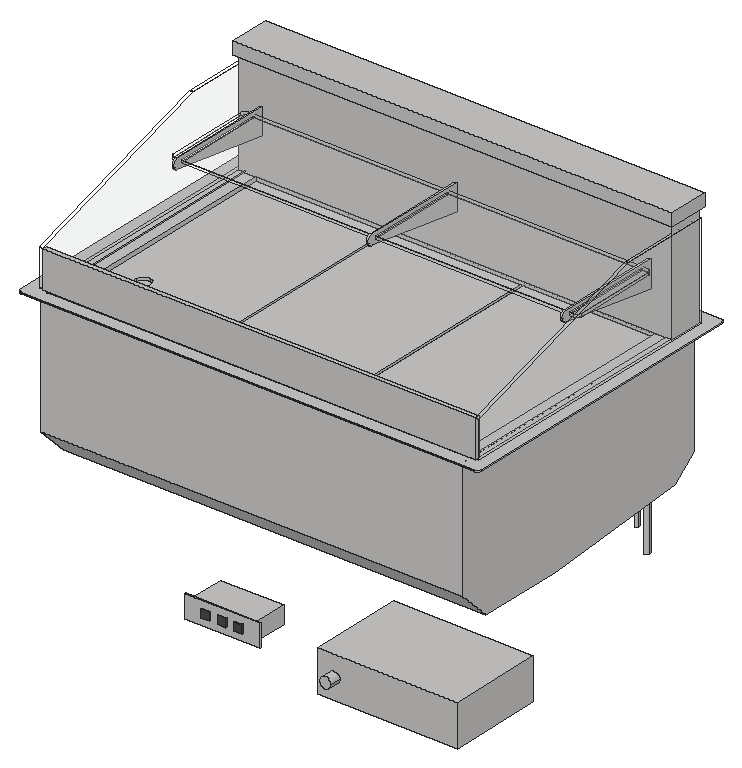
Revit family "QF_ELECTROLUXPROFESSIONAL_341105_D13R3", category Specialty Equipment, Revit 2018
Family settings
  Round Connector Dimension = Use Diameter
  Part Type = Normal
  Work Plane-Based = No
  Always vertical = Yes
  Cut with Voids When Loaded = No
  Shared = No
  Room Calculation Point = No
Parameters (values of type "341051.rfa")
  Weight = 68.00 kg
  Watts = 0 W
  Volts = 0 V
  URL Manufacturer = ""
  URL = ""
  Steam Supply Size = 0 mm
  Steam Supply Minimum Pressure = 0.0 Pa
  Steam Supply Maximum Pressure = 0.0 Pa
  Steam Pounds per Hour = 0
  Show Clearance [instance] = yes
  Remote Electrical Box_Z [instance] = 200.00 mm
  Remote Electrical Box_Y [instance] = 500.00 mm
  Remote Electrical Box_X [instance] = 700.00 mm
  Refrigeration Suction Line Size = 0.042 mm
  Refrigeration Liquid Line Size = 0.031 mm
  Refrigerant Compressor Remote = yes
  Manufacturer = ""
  Phase = 0
  Model = ""
  Length Actual = 1120.00 mm  # constant formula
  Item Number = ""
  Hot Water Size = 0 mm
  Height Actual = 670.00 mm  # constant formula
  HP = "0.1 HP"
  Gas Size = 0 mm
  Gas KW = 0
  Gas Input Pressure = 0 W
  Direct Waste Size = 25.4 mm
  Description = ""
  Depth Actual = 750.00 mm  # constant formula
  Cycle = 0 Hz
  Controller_Y [instance] = 500.00 mm
  Controller_1Z [instance] = 200.00 mm
  Controller_1X [instance] = 300.00 mm
  Condensate Return Size = 0 mm
  Compressed Air Volume = 0.0 L/s
  Compressed Air Size = 0 mm
  Compressed Air Pressure = 0.0 Pa
  Cold Water Size = 0 mm
  Accessory = yes
Types (2, lengths in mm): name | Volts | URL Manufacturer | URL | Manufacturer | Phase | Model | Item Number | Description | Cycle
  341051.rfa | 0 V | "" | "" | "" | 0 | "" | "" | "" | 0 Hz
  Standard | 220 V | "http://professional.electrolux.com" | "http://professional.electrolux.com" | "Electrolux Professional" | 1 | "D13R3" | "341105" | "DROP-IN REMOTE, REFRIGERATED WELL, VENTILATED, 1 REF.SHELF AND 1 NEUTRAL SHELF, 3GN" | 50 Hz
Reference planes
  plane 1 "Centro (Fronte/Retro)": y = 74.737
  plane 2: z = 0
  plane 3 "BACK": y = 449.737
  plane 4 "FRONT": y = -300.263
  plane 5 "RIGHT": x = 45.731
  plane 6 "LEFT": x = -1074.269
  plane 7: x = -514.269
  plane 8 "TOP": z = 900
  plane 9: y = 417.737
  plane 10: y = -268.263
  plane 11: x = -28.269
  plane 12: x = -1000.269
  plane 13: y = 412.237
  plane 14: y = -269.483
  plane 15: x = -1048.269
  plane 16: x = 19.731
  plane 17: z = 898
  plane 18: x = -529.269
  plane 19: x = -79.269
  plane 20: x = -517.269
  plane 21: x = -91.269
  plane 22: x = -517.269
  plane 23: x = -511.269
  plane 24: x = -1040.269
  plane 25: x = 11.731
  plane 26: y = -229.763
  plane 27: y = 404.237
  plane 28: z = 535.31
  plane 29: z = 220
  plane 30: z = 1041
  plane 31: z = 1049
  plane 32: y = 308.954
  plane 33: y = 83.954
  plane 34: x = -1010.269
  plane 35: x = -18.269
  plane 36: x = -988.269
  plane 37: x = -984.269
  plane 38: x = -44.269
  plane 39: x = -40.269
  plane 40: x = -516.269
  plane 41: x = -512.269
  plane 42: x = -516.269
  plane 43: x = -512.269
  plane 44 "1": y = -109.263
  plane 45: y = -195.263
  plane 46: y = 344.737
  plane 47: x = -774.269
  plane 48: x = -374.269
  plane 49: y = -50.263
  plane 50: y = -50.263
  plane 51: z = 200
  plane 52: z = 200
Forms (mm)
  Extrusion 1, solid, material "QF_Finishes_Stainless Steel"
    sketch origin (0, 0, 900) x (-1, 0, 0) y (0, -1, 0)
      loop
        arc (1064.269, -449.737) -> (1071.34, -446.808) -> (1074.269, -439.737) r 10
        line (1074.269, -439.737) -> (1074.269, 290.263)
        arc (1074.269, 290.263) -> (1071.34, 297.334) -> (1064.269, 300.263) r 10
        line (1064.269, 300.263) -> (-35.731, 300.263)
        arc (-35.731, 300.263) -> (-42.802, 297.334) -> (-45.731, 290.263) r 10
        line (-45.731, 290.263) -> (-45.731, -439.737)
        arc (-45.731, -439.737) -> (-42.802, -446.808) -> (-35.731, -449.737) r 10
        line (-35.731, -449.737) -> (1064.269, -449.737)
      loop
        line (1027.769, -412.237) -> (1027.769, 269.483) -> (0.769, 269.483) -> (0.769, -412.237) -> (1027.769, -412.237)
    from 0 to -2
  Extrusion 2, solid, material "QF_Finishes_Stainless Steel"
    sketch origin (244.231, 362.737, 0) x (0, -1, 0) y (0, 0, -1)
      loop
        line (650.5, -605.13) -> (580.68, -535.31) -> (371.981, -535.31) -> (6.32, -567.301) -> (-49.5, -614.14) -> (-49.5, -898) -> (650.5, -898) -> (650.5, -605.13)
    from -1272 to -245
  Extrusion 3, solid, material "QF_Finishes_Stainless Steel"
    sketch origin (231.731, 362.737, 0) x (0, -1, 0) y (0, 0, -1)
      loop
        line (-48.737, -1150.8) -> (32.063, -1150.8) -> (32.063, -898) -> (-48.737, -898) -> (-48.737, -1150.8)
    from -1272 to -220
  Extrusion 4, void
    sketch origin (0, 0, 900) x (-1, 0, 0) y (0, -1, 0)
      loop
        line (1000.269, 205.526) -> (28.269, 205.526) -> (28.269, -330.674) -> (1000.269, -330.674) -> (1000.269, 205.526)
    from 0 to -15
  Extrusion 5, void
    sketch origin (-226.808, -439.547, 900) x (-1, 0, 0) y (0, -1, 0)
      loop
        circle (694.691, -330.284) r 18
    from -15 to -10
  Extrusion 6, solid, material "QF_Finishes_Stainless Steel"
    sketch origin (231.731, 362.737, 0) x (0, -1, 0) y (0, 0, -1)
      loop
        line (41.663, -1182.8) -> (41.663, -1150.8) -> (-58.337, -1150.8) -> (-58.337, -1182.8) -> (41.663, -1182.8)
    from -1280 to -212
  Extrusion 7, solid, material "QF_Finishes_Glass"
    sketch origin (231.731, 362.737, 0) x (0, -1, 0) y (0, 0, -1)
      loop
        line (628.263, -989.8) -> (628.263, -900) -> (-48.737, -900) -> (-48.737, -1130.8) -> (171.263, -1130.8) -> (628.263, -989.8)
    from -212 to -220
  Extrusion 8, solid, material "QF_Finishes_Glass"
    sketch origin (-1260.269, 362.737, 0) x (0, -1, 0) y (0, 0, 1)
      loop
        line (628.263, 989.8) -> (171.263, 1130.8) -> (-48.737, 1130.8) -> (-48.737, 900) -> (628.263, 900) -> (628.263, 989.8)
    from -212 to -220
  Extrusion 9, solid, material "QF_Finishes_Stainless Steel"
    sketch origin (231.731, 362.737, 0) x (0, -1, 0) y (0, 0, -1)
      loop
        line (628.263, -900) -> (618.263, -900) -> (618.263, -989.8) -> (628.263, -989.8) -> (628.263, -900)
    from -1272 to -220
  Extrusion 10, solid, material "QF_Finishes_Stainless Steel"
    sketch origin (231.731, 362.737, 0) x (0, -1, 0) y (0, 0, -1)
      loop
        line (32.063, -1057) -> (288, -1057)
        arc (288, -1057) -> (300, -1045) -> (288, -1033) r 12
        line (288, -1033) -> (32.063, -992.464) -> (32.063, -1057)
      loop
        line (278.825, -1049) -> (278.825, -1041) -> (53.8, -1041) -> (53.8, -1049) -> (278.825, -1049)
    from -276 to -272
  Extrusion 11, solid, material "QF_Finishes_Stainless Steel"
    sketch origin (-392.269, 362.737, 0) x (0, -1, 0) y (0, 0, -1)
      loop
        line (32.063, -1057) -> (288, -1057)
        arc (288, -1057) -> (300, -1045) -> (288, -1033) r 12
        line (288, -1033) -> (32.063, -992.464) -> (32.063, -1057)
      loop
        line (278.825, -1049) -> (278.825, -1041) -> (53.8, -1041) -> (53.8, -1049) -> (278.825, -1049)
    from -596 to -592
  Extrusion 12, solid, material "QF_Finishes_Glass"
    sketch origin (0, 0, 0) x (-1, 0, 0) y (0, -1, 0)
      loop
        line (1010.269, -298.965) -> (1010.269, -93.97)
        arc (1010.269, -93.97) -> (1007.323, -86.858) -> (1000.21, -83.912) r 10.058
        line (1000.21, -83.912) -> (28.269, -83.954)
        arc (28.269, -83.954) -> (21.198, -86.883) -> (18.269, -93.954) r 10
        line (18.269, -93.954) -> (18.269, -298.954)
        arc (18.269, -298.954) -> (20.997, -305.819) -> (27.694, -308.938) r 10
        line (27.694, -308.938) -> (1000.296, -308.938)
        arc (1000.296, -308.938) -> (1007.348, -306.017) -> (1010.269, -298.965) r 9.972
    from 1041 to 1049
  Extrusion 13, solid, material "QF_Finishes_Stainless Steel"
    sketch origin (79.731, 362.737, 0) x (0, -1, 0) y (0, 0, -1)
      loop
        line (32.063, -1057) -> (288, -1057)
        arc (288, -1057) -> (300, -1045) -> (288, -1033) r 12
        line (288, -1033) -> (32.063, -992.464) -> (32.063, -1057)
      loop
        line (278.825, -1049) -> (278.825, -1041) -> (53.8, -1041) -> (53.8, -1049) -> (278.825, -1049)
    from -596 to -592
  Extrusion 14, solid, material "QF_Finishes_Stainless Steel"
    sketch origin (0, -25.263, 900) x (-1, 0, 0) y (0, -1, 0)
      loop
        line (681.489, -354.737) -> (1000.269, -354.737) -> (1000.269, 180.263) -> (681.489, 180.263) -> (681.489, -354.737)
    from -15 to -10
  Extrusion 15, solid, material "QF_Finishes_Stainless Steel"
    sketch origin (-1251.802, -25.263, 900) x (1, 0, 0) y (0, 1, 0)
      loop
        line (903.534, 354.737) -> (903.534, -180.263) -> (1223.534, -180.263) -> (1223.534, 354.737) -> (903.534, 354.737)
    from -15 to -10
  Extrusion 16, solid, material "QF_Finishes_Stainless Steel"
    sketch origin (129.858, -25.263, 900) x (-1, 0, 0) y (0, -1, 0)
      loop
        line (485.347, -354.737) -> (805.347, -354.737) -> (805.347, 180.263) -> (485.347, 180.263) -> (485.347, -354.737)
    from -15 to -10
  Sweep 17, solid, material "QF_Finishes_Stainless Steel"
    path origin (0, -109.263, 0) x (-1, 0, 0) y (0, 0, 1)
      loop
        line (921.499, 535.31) -> (921.499, 505) -> (978.269, 505)
    profile origin (-921.499, -109.263, 520.155) x (0, 1, 0) y (-1, 0, 0)
      loop
        circle (0, 0) r 18
  Extrusion 18, solid, material "QF_Finishes_Stainless Steel"
    sketch origin (160, 0, 0) x (-1, 0, 0) y (0, -1, 0)
      loop
        circle (239.269, -369.737) r 6.35
    from 632.609 to 386
  Extrusion 19, solid, material "QF_Finishes_Stainless Steel"
    sketch origin (160, 0, 0) x (-1, 0, 0) y (0, -1, 0)
      loop
        circle (264.269, -369.737) r 4.76
    from 632.609 to 436
Cuts and joins
  Extrusion 4 cuts Extrusion 3
  Extrusion 4 cuts Extrusion 2
  Extrusion 5 cuts Extrusion 15
  Extrusion 5 cuts Extrusion 14
Lines and regions (mm)
  symbolic lines
    curve 1: line (35.731, 449.737, 900) -> (-1064.269, 449.737, 900)
    curve 2: arc (-1064.269, 449.737, 900) -> (-1071.34, 446.808, 900) -> (-1074.269, 439.737, 900) r 10
    curve 3: line (-1074.269, 439.737, 900) -> (-1074.269, -290.263, 900)
    curve 4: arc (-1074.269, -290.263, 900) -> (-1071.34, -297.334, 900) -> (-1064.269, -300.263, 900) r 10
    curve 5: line (-1064.269, -300.263, 900) -> (35.731, -300.263, 900)
    curve 6: arc (35.731, -300.263, 900) -> (42.802, -297.334, 900) -> (45.731, -290.263, 900) r 10
    curve 7: line (45.731, -290.263, 900) -> (45.731, 439.737, 900)
    curve 8: arc (45.731, 439.737, 900) -> (42.802, 446.808, 900) -> (35.731, 449.737, 900) r 10
    curve 9: line (19.731, 421.074, 900) -> (19.731, -269.483, 900)
    curve 10: line (19.731, -269.483, 900) -> (-1048.269, -269.483, 900)
    curve 11: line (-1048.269, -269.483, 900) -> (-1048.269, 421.074, 900)
    curve 12: line (19.731, 421.074, 900) -> (-1048.269, 421.074, 900)
    curve 13: line (-1048.269, 321.074, 900) -> (19.731, 321.074, 900)
    curve 14: line (11.731, -205.526, 900) -> (-1040.269, -205.526, 900)
    curve 15: line (11.731, -255.526, 900) -> (-1040.269, -255.526, 900)
    curve 16: line (-1048.269, -265.526, 900) -> (19.731, -265.526, 900)
    curve 17: line (-681.489, -205.526, 900) -> (-681.489, 84.474, 900)
    curve 18: line (-675.489, 84.474, 900) -> (-675.489, -205.526, 900)
    curve 19: line (-1040.269, 321.074, 900) -> (-1040.269, -265.526, 900)
    curve 20: line (11.731, -265.526, 900) -> (11.731, 321.074, 900)
    curve 21: line (-988.269, 321.074, 900) -> (-988.269, 62.737, 900)
    curve 22: line (-984.269, 321.074, 900) -> (-984.269, 62.737, 900)
    curve 23: line (-988.269, 62.737, 900) -> (-984.269, 62.737, 900)
    curve 24: line (-44.269, 321.074, 900) -> (-44.269, 62.737, 900)
    curve 25: line (-44.269, 62.737, 900) -> (-40.269, 62.737, 900)
    curve 26: line (-40.269, 62.737, 900) -> (-40.269, 321.074, 900)
    curve 27: line (-44.269, 308.938, 900) -> (-512.269, 308.938, 900)
    curve 28: line (-516.269, 321.074, 900) -> (-516.269, 62.737, 900)
    curve 29: line (-512.269, 321.074, 900) -> (-512.269, 62.737, 900)
    curve 30: line (-516.269, 62.737, 900) -> (-512.269, 62.737, 900)
    curve 31: line (-516.269, 321.074, 900) -> (-516.269, 62.737, 900)
    curve 32: line (-512.269, 321.074, 900) -> (-512.269, 62.737, 900)
    curve 33: line (-516.269, 62.737, 900) -> (-512.269, 62.737, 900)
    curve 34: line (-1010.269, 298.965, 900) -> (-1010.269, 93.97, 900)
    curve 35: arc (-1000.296, 308.938, 900) -> (-1007.348, 306.017, 900) -> (-1010.269, 298.965, 900) r 9.972
    curve 36: arc (-1010.269, 93.97, 900) -> (-1007.343, 86.879, 900) -> (-1000.269, 83.912, 900) r 10.058
    curve 37: arc (-28.269, 83.954, 900) -> (-21.198, 86.883, 900) -> (-18.269, 93.954, 900) r 10
    curve 38: line (-18.269, 93.954, 900) -> (-18.269, 298.954, 900)
    curve 39: arc (-18.269, 298.954, 900) -> (-21.198, 306.025, 900) -> (-28.269, 308.954, 900) r 10
    curve 40: line (-1000.269, -205.526, 900) -> (-1000.269, 83.912, 900)
    curve 41: line (-1000.296, 308.938, 900) -> (-1000.296, 321.074, 900)
    curve 42: line (-28.269, -205.526, 900) -> (-28.269, 83.954, 900)
    curve 43: line (-28.269, 308.954, 900) -> (-28.269, 321.074, 900)
    curve 44: line (-1000.269, 83.912, 900) -> (-988.269, 83.912, 900)
    curve 45: line (-984.269, 83.912, 900) -> (-516.269, 83.912, 900)
    curve 46: line (-512.269, 83.912, 900) -> (-44.269, 83.912, 900)
    curve 47: line (-40.269, 83.912, 900) -> (-28.269, 83.954, 900)
    curve 48: line (-516.269, 308.938, 900) -> (-984.269, 308.938, 900)
    curve 49: line (-355.489, -205.526, 900) -> (-355.489, 84.474, 900)
    curve 50: line (-348.269, 84.474, 900) -> (-348.269, -205.526, 900)
    curve 51: line (-988.269, 308.938, 900) -> (-1000.296, 308.938, 900)
    curve 52: line (-40.269, 308.938, 900) -> (-28.269, 308.938, 900)
    curve 53: line (-131.004, 308.938, 900) -> (-131.004, 321.074, 900)
    curve 54: line (-125.004, 308.938, 900) -> (-125.004, 321.074, 900)
    curve 55: line (-483.534, 321.074, 900) -> (-483.534, 308.938, 900)
    curve 56: line (-477.534, 321.074, 900) -> (-477.534, 308.938, 900)
    curve 65: arc (-903.499, -109.263, 900) -> (-921.499, -91.263, 900) -> (-939.499, -109.263, 900) r 18
    curve 66: arc (-939.499, -109.263, 900) -> (-921.499, -127.263, 900) -> (-903.499, -109.263, 900) r 18
  symbolic lines, style "SpecialityEquipmentHiddenLines"
    curve 57: line (-529.269, 344.737, 900) -> (-79.269, 344.737, 900)
    curve 58: line (-529.269, -195.263, 900) -> (-529.269, 344.737, 900)
    curve 59: line (-79.269, -195.263, 900) -> (-529.269, -195.263, 900)
    curve 60: line (-79.269, 344.737, 900) -> (-79.269, -195.263, 900)
    curve 61: line (-1027.769, 412.237, 900) -> (-1027.769, -287.763, 900)
    curve 62: line (-1027.769, -287.763, 900) -> (-0.769, -287.763, 900)
    curve 63: line (-0.769, -287.763, 900) -> (-0.769, 412.237, 900)
    curve 64: line (-0.769, 412.237, 900) -> (-1027.769, 412.237, 900)
Dimensions and locks
  plane 6 "LEFT" to plane 5 "RIGHT" = 1120.00 mm
  equal spacing: plane 3 "BACK", plane 1 "Centro (Fronte/Retro)", plane 4 "FRONT"
  plane 3 "BACK" to plane 4 "FRONT" = 750.00 mm
  equal spacing: plane 6 "LEFT", plane 7, plane 5 "RIGHT"
  locked: plane 8 "TOP" to plane 2 at 900
  locked: plane 6 "LEFT" to plane 12 at 74
  locked: plane 11 to plane 5 "RIGHT" at 74
  locked: plane 3 "BACK" to plane 9 at 32
  locked: plane 10 to plane 4 "FRONT" at 32
  locked: plane 3 "BACK" to plane 13 at 37.5
  locked: plane 14 to plane 4 "FRONT" at 30.78
  locked: plane 6 "LEFT" to plane 15 at 26
  locked: plane 16 to plane 5 "RIGHT" at 26
  locked: plane 8 "TOP" to plane 17 at 2
  plane 19 to plane 18 = 450.00 mm
  locked: plane 20 to plane 18 at 12
  locked: plane 19 to plane 21 at 12
  locked: plane 22 to plane 23 at 6
  locked: plane 15 to plane 24 at 8
  locked: plane 25 to plane 16 at 8
  plane 19 to plane 7 to plane 18 = 435.00 mm, 15.00 mm
  plane 8 "TOP" to plane 28 = 364.69 mm
  plane 8 "TOP" to plane 29 = 680.00 mm
  plane 30 to plane 8 "TOP" = 141.00 mm
  locked: plane 31 to plane 30 at 8
  plane 34 to plane 35 = 992.00 mm
  equal spacing: plane 34, plane 7, plane 35
  plane 24 to plane 34 = 30.00 mm
  plane 35 to plane 25 = 30.00 mm
  locked: plane 36 to plane 37 at 4
  locked: plane 40 to plane 41 at 4
  locked: plane 38 to plane 39 at 4
  locked: plane 42 to plane 43 at 4
  plane 5 "RIGHT" to plane 19 to plane 18 = 125.00 mm, 450.00 mm
  equal spacing: plane 45, plane 1 "Centro (Fronte/Retro)", plane 46
  plane 45 to plane 46 = 540.00 mm
  cut or joined group of Extrusion 2, Extrusion 4 to cut or joined group of Extrusion 2, Extrusion 4 = 1027.00 mm
  "Controller_Y": plane 3 "BACK" to plane 50
  "Remote Electrical Box_Y": plane 3 "BACK" to plane 49
  "Controller_1X": plane 6 "LEFT" to plane 47
  "Remote Electrical Box_X": plane 6 "LEFT" to plane 48
  "Controller_1Z": plane 51 to plane 2
  "Remote Electrical Box_Z": plane 52 to plane 2
  aligned and locked: level to plane 2
  aligned and locked: Extrusion 1 sketch curve to plane 3 "BACK"
  aligned and locked: plane 6 "LEFT" to Extrusion 1 sketch curve
  aligned and locked: plane 4 "FRONT" to Extrusion 1 sketch curve
  aligned and locked: Extrusion 1 sketch curve to plane 5 "RIGHT"
  aligned and locked: Extrusion 1 sketch curve to plane 13
  aligned and locked: Extrusion 1 sketch curve to plane 14
  aligned and locked: Extrusion 4 sketch curve to cut or joined group of Extrusion 3, Extrusion 4
  aligned and locked: Extrusion 7 to plane 25
  aligned and locked: Extrusion 4 sketch curve to plane 12
  aligned and locked: plane 11 to Extrusion 4 sketch curve
  aligned and locked: plane 24 to Extrusion 8
  aligned and locked: Extrusion 3 to plane 24
  aligned and locked: plane 25 to Extrusion 3
  aligned and locked: Extrusion 9 to plane 24
  aligned and locked: plane 25 to Extrusion 9
  aligned and locked: Extrusion 12 sketch curve to plane 34
  aligned and locked: Extrusion 12 sketch curve to plane 35
  aligned and locked: plane 31 to Extrusion 12
  aligned and locked: Extrusion 12 to plane 30
  aligned and locked: Extrusion 11 to plane 36
  aligned and locked: plane 39 to Extrusion 10
  aligned and locked: Extrusion 10 to plane 38
  aligned and locked: plane 37 to Extrusion 11
  aligned and locked: Extrusion 13 to plane 42
  aligned and locked: plane 43 to Extrusion 13
  aligned and locked: plane 47 to nested 1
  aligned and locked: plane 48 to nested 2
  aligned and locked: plane 49 to nested 2
  aligned and locked: plane 50 to nested 1
  aligned and locked: plane 52 to nested 2
  aligned and locked: nested 1 to plane 51
Automatic sketch dimensions
  Extrusion 1 sketch curve to plane 5 "RIGHT" = 10.00 mm
  Extrusion 1 sketch curve to plane 3 "BACK" = 10.00 mm  (x2)
  Extrusion 1 sketch curve to Extrusion 1 sketch curve = 10.00 mm
  Extrusion 5 sketch curve to plane 5 "RIGHT" = 967.23 mm
  plane 26 to Extrusion 5 sketch curve = 120.50 mm
  Extrusion 12 sketch curve to plane 11 = 0.00 mm  (x2)
  plane 33 to Extrusion 12 sketch curve = 0.00 mm
  Extrusion 12 sketch curve to plane 32 = 0.017 mm
  plane 11 to Extrusion 12 sketch curve = 0.574 mm
  plane 12 to Extrusion 12 sketch curve = 0.058 mm  (x2)
  Extrusion 12 sketch curve to plane 12 = 0.028 mm
  plane 33 to Extrusion 12 sketch curve = 10.016 mm
  Extrusion 2 sketch curve to plane 28 = 0.00 mm
  plane 13 to Extrusion 2 sketch curve = 0.00 mm
  plane 32 to Extrusion 2 sketch curve = 47.463 mm
  plane 1 "Centro (Fronte/Retro)" to Extrusion 2 sketch curve = 83.981 mm
  plane 26 to Extrusion 2 sketch curve = 11.82 mm
  plane 4 "FRONT" to Extrusion 2 sketch curve = 12.50 mm
  plane 28 to Extrusion 2 sketch curve = 78.83 mm
  plane 28 to Extrusion 2 sketch curve = 69.82 mm
  plane 28 to Extrusion 2 sketch curve = 31.991 mm
  Extrusion 3 sketch curve to plane 17 = 0.00 mm
  Extrusion 3 sketch curve to plane 13 = 0.763 mm
  plane 32 to Extrusion 3 sketch curve = 21.72 mm
  plane 31 to Extrusion 3 sketch curve = 101.80 mm
  plane 26 to Extrusion 4 sketch curve = 24.237 mm
  plane 9 to Extrusion 6 sketch curve = 3.337 mm
  plane 32 to Extrusion 6 sketch curve = 12.12 mm
  plane 31 to Extrusion 6 sketch curve = 133.80 mm
  Extrusion 6 sketch curve to Extrusion 6 sketch curve = 32.00 mm
  Extrusion 7 sketch curve to plane 8 "TOP" = 0.00 mm
  Extrusion 7 sketch curve to plane 13 = 0.763 mm
  plane 33 to Extrusion 7 sketch curve = 107.52 mm
  plane 10 to Extrusion 7 sketch curve = 2.737 mm
  Extrusion 7 sketch curve to plane 30 = 51.20 mm
  plane 31 to Extrusion 7 sketch curve = 81.80 mm
  Extrusion 8 sketch curve to plane 8 "TOP" = 0.00 mm
  Extrusion 8 sketch curve to plane 13 = 0.763 mm
  plane 33 to Extrusion 8 sketch curve = 107.52 mm
  plane 10 to Extrusion 8 sketch curve = 2.737 mm
  Extrusion 8 sketch curve to plane 30 = 51.20 mm
  plane 31 to Extrusion 8 sketch curve = 81.80 mm
  Extrusion 9 sketch curve to plane 8 "TOP" = 0.00 mm
  plane 10 to Extrusion 9 sketch curve = 12.737 mm
  plane 10 to Extrusion 9 sketch curve = 2.737 mm
  Extrusion 9 sketch curve to plane 30 = 51.20 mm
  Extrusion 10 sketch curve to plane 30 = 0.00 mm
  Extrusion 10 sketch curve to plane 31 = 0.00 mm
  Extrusion 10 sketch curve to plane 1 "Centro (Fronte/Retro)" = 0.00 mm
  Extrusion 10 sketch curve to plane 33 = 0.042 mm
  Extrusion 10 sketch curve to plane 32 = 0.017 mm
  plane 31 to Extrusion 10 sketch curve = 8.00 mm
  plane 32 to Extrusion 10 sketch curve = 21.72 mm
  plane 30 to Extrusion 10 sketch curve = 4.00 mm
  Extrusion 10 sketch curve to plane 30 = 48.536 mm
  Extrusion 11 sketch curve to plane 30 = 0.00 mm
  Extrusion 11 sketch curve to plane 31 = 0.00 mm
  Extrusion 11 sketch curve to plane 1 "Centro (Fronte/Retro)" = 0.00 mm
  Extrusion 11 sketch curve to plane 33 = 0.042 mm
  Extrusion 11 sketch curve to plane 32 = 0.017 mm
  plane 31 to Extrusion 11 sketch curve = 8.00 mm
  plane 32 to Extrusion 11 sketch curve = 21.72 mm
  plane 30 to Extrusion 11 sketch curve = 4.00 mm
  Extrusion 11 sketch curve to plane 30 = 48.536 mm
  Extrusion 13 sketch curve to plane 30 = 0.00 mm
  Extrusion 13 sketch curve to plane 31 = 0.00 mm
  Extrusion 13 sketch curve to plane 1 "Centro (Fronte/Retro)" = 0.00 mm
  Extrusion 13 sketch curve to plane 33 = 0.042 mm
  Extrusion 13 sketch curve to plane 32 = 0.017 mm
  plane 31 to Extrusion 13 sketch curve = 8.00 mm
  plane 32 to Extrusion 13 sketch curve = 21.72 mm
  plane 30 to Extrusion 13 sketch curve = 4.00 mm
  Extrusion 13 sketch curve to plane 30 = 48.536 mm
  Extrusion 14 sketch curve to plane 20 = 164.22 mm
  Extrusion 14 sketch curve to plane 12 = 0.00 mm
  plane 32 to Extrusion 14 sketch curve = 20.52 mm
  plane 26 to Extrusion 14 sketch curve = 24.237 mm
  Extrusion 15 sketch curve to plane 11 = 0.00 mm
  plane 21 to Extrusion 15 sketch curve = 257.00 mm
  Extrusion 15 sketch curve to plane 32 = 20.52 mm
  Extrusion 15 sketch curve to plane 26 = 24.237 mm
  Extrusion 16 sketch curve to plane 21 = 264.22 mm
  Extrusion 16 sketch curve to plane 20 = 158.22 mm
  plane 32 to Extrusion 16 sketch curve = 20.52 mm
  plane 26 to Extrusion 16 sketch curve = 24.237 mm
  Sweep 17 sketch curve to plane 28 = 0.00 mm
  plane 34 to Sweep 17 sketch curve = 32.00 mm
  plane 37 to Sweep 17 sketch curve = 62.77 mm
  Sweep 17 sketch curve to plane 28 = 30.31 mm
  Sweep 17 sketch curve to plane 44 "1" = 0.00 mm
  Sweep 17 sketch curve to profile plane = 0.00 mm
  Extrusion 2 sketch curve to plane 17 = 0.00 mm
  plane 15 to Extrusion 1 sketch curve = 20.50 mm
  Extrusion 1 sketch curve to plane 16 = 20.50 mm
  curve 6 to plane 5 "RIGHT" = 0.00 mm
  curve 1 to plane 3 "BACK" = 0.00 mm
  curve 6 to plane 4 "FRONT" = 0.00 mm
  curve 16 to plane 16 = 0.00 mm
  curve 14 to plane 25 = 0.00 mm
  curve 38 to plane 35 = 0.00 mm
  curve 43 to plane 11 = 0.00 mm
  curve 42 to plane 11 = 0.00 mm
  curve 52 to plane 11 = 0.00 mm
  curve 26 to plane 39 = 0.00 mm
  curve 60 to plane 19 = 0.00 mm
  curve 29 to plane 41 = 0.00 mm
  curve 33 to plane 40 = 0.00 mm
  curve 59 to plane 18 = 0.00 mm
  curve 23 to plane 36 = 0.00 mm
  curve 44 to plane 12 = 0.00 mm
  curve 34 to plane 34 = 0.00 mm
  curve 19 to plane 24 = 0.00 mm
  curve 12 to plane 15 = 0.00 mm
  curve 3 to plane 6 "LEFT" = 0.00 mm
  curve 60 to plane 46 = 0.00 mm
  plane 32 to curve 39 = 0.00 mm
  plane 33 to curve 42 = 0.00 mm
  curve 59 to plane 45 = 0.00 mm
  curve 11 to plane 14 = 0.00 mm
  curve 8 to plane 3 "BACK" = 10.00 mm
  plane 4 "FRONT" to curve 6 = 10.00 mm
  plane 13 to curve 63 = 0.00 mm
  curve 63 to plane 25 = 12.50 mm
  curve 24 to plane 38 = 0.00 mm
  plane 41 to curve 32 = 0.00 mm
  plane 37 to curve 22 = 0.00 mm
  plane 12 to curve 36 = 0.058 mm
  curve 35 to plane 12 = 0.028 mm
  plane 24 to curve 61 = 12.50 mm
  plane 6 "LEFT" to curve 5 = 10.00 mm
  plane 6 "LEFT" to curve 1 = 10.00 mm
  plane 9 to curve 12 = 3.337 mm
  curve 41 to plane 32 = 0.017 mm
  plane 33 to curve 36 = 10.016 mm
  plane 1 "Centro (Fronte/Retro)" to curve 33 = 12.00 mm
  plane 1 "Centro (Fronte/Retro)" to curve 26 = 12.00 mm
  plane 1 "Centro (Fronte/Retro)" to curve 23 = 12.00 mm
  plane 4 "FRONT" to curve 61 = 12.50 mm
  curve 54 to plane 32 = 0.017 mm
  curve 54 to plane 21 = 33.735 mm
  curve 54 to curve 53 = 6.00 mm
  plane 33 to curve 50 = 0.52 mm
  plane 23 to curve 50 = 163.00 mm
  plane 33 to curve 49 = 0.52 mm
  curve 50 to curve 49 = 7.22 mm
  curve 56 to plane 32 = 0.017 mm
  plane 23 to curve 56 = 33.735 mm
  curve 56 to curve 55 = 6.00 mm
  curve 18 to plane 45 = 10.263 mm
  curve 18 to plane 18 = 146.22 mm
  curve 18 to curve 17 = 6.00 mm
  plane 32 to curve 19 = 12.12 mm
  curve 52 to plane 32 = 0.017 mm
  plane 33 to curve 18 = 0.52 mm
  plane 33 to curve 17 = 0.52 mm
  curve 45 to plane 33 = 0.042 mm
  curve 46 to plane 33 = 0.042 mm
  curve 47 to plane 33 = 0.042 mm
  plane 10 to curve 15 = 12.737 mm
  plane 10 to curve 19 = 2.737 mm
  curve 65 to curve 66 = 0.00 mm  (x2)
  curve 65 to plane 44 "1" = 0.00 mm
  plane 37 to curve 66 = 62.77 mm
  curve 65 to curve 65 = 18.00 mm
  Extrusion 18 sketch curve to plane 19 = 0.00 mm
  plane 46 to Extrusion 18 sketch curve = 25.00 mm
  Extrusion 19 sketch curve to plane 21 = 13.00 mm
  plane 46 to Extrusion 19 sketch curve = 25.00 mm
  radius of Extrusion 5 sketch curve = 18.00 mm
  radius of Sweep 17 sketch curve = 18.00 mm
  radius of Extrusion 18 sketch curve = 6.35 mm
  radius of Extrusion 19 sketch curve = 4.76 mm
Nested families
  nested 1: "Controller" at (-774.269, -50.263, 200), type "Controller"
  nested 2: "Remote_Electrical_Box" at (-374.269, 64.737, 100), type "Remote_Electrical_Box"
  nested 3: "Refrigerator" at (-134.269, -110.263, 900), type "Refrigerator"
Connectors
  piping at (-978.269, -109.263, 505), diameter 36
    settings: on Sweep 17, index 1, connector inside diameter 609.6 mm, connector length 0.00 mm, flow factor 0, pipe flow 0.0 L/s, pressure drop 0.0 Pa, fitting loss kfactor 0, connector angle 0.00°, fixture units 0, engagement length 0.00 mm, angle of deflection 0.00°, flow configuration 1, flow direction 1, fitting loss method 0, system type 16, joint type 0, gender type 0, connector reference index -1, connector utility 0, adjustable connector no, is connector primary yes, connector description "Drain"
  electrical at (-504.269, -77.263, 149.381)
    settings: on nested 2, index 2, voltage 0 V, apparent load 0 VA, apparent load phase1 0 VA, apparent load phase2 0 VA, apparent load phase3 0 VA, power factor 1, load classification "Altro", number of poles 1, system type 14, power factor state 1, is connector primary yes, connector utility no, sub classification motor no, connector description ""
  piping at (-79.269, 369.737, 386), diameter 12.7
    settings: on Extrusion 18, index 3, connector inside diameter 609.6 mm, connector length 0.00 mm, flow factor 0, pipe flow 0.0 L/s, pressure drop 0.0 Pa, fitting loss kfactor 0, connector angle 0.00°, fixture units 0, engagement length 0.00 mm, angle of deflection 0.00°, flow configuration 0, flow direction 0, fitting loss method 0, system type 22, joint type 0, gender type 0, connector reference index -1, connector utility 0, adjustable connector no, is connector primary no, connector description ""
  piping at (-104.269, 369.737, 436), diameter 9.2
    settings: on Extrusion 19, index 4, connector inside diameter 609.6 mm, connector length 0.00 mm, flow factor 0, pipe flow 0.0 L/s, pressure drop 0.0 Pa, fitting loss kfactor 0, connector angle 0.00°, fixture units 0, engagement length 0.00 mm, angle of deflection 0.00°, flow configuration 0, flow direction 0, fitting loss method 0, system type 22, joint type 0, gender type 0, connector reference index -1, connector utility 0, adjustable connector no, is connector primary no, connector description ""
Definition of nested family "Controller"
  Reference planes
    plane 1 "Center (Front/Back)": y = 0
    plane 2: z = 0
    plane 3 "Center (Left/Right)": x = 0
  Forms (mm)
    Extrusion 1, solid
      sketch origin (0, 44.769, -48.2) x (1, 0, 0) y (0, 1, 0)
        loop
          line (-76, 43.231) -> (-76, -47.65) -> (76, -47.65) -> (76, 43.231) -> (-76, 43.231)
      from 6.2 to 48.2
    Extrusion 2, solid
      sketch origin (0, 44.769, -48.2) x (1, 0, 0) y (0, 0, 1)
        loop
          line (-92.25, 54.4) -> (-92.25, 0) -> (92.25, 0) -> (92.25, 54.4) -> (-92.25, 54.4)
        loop
          line (-76, 48.2) -> (-76, 6.2) -> (76, 6.2) -> (76, 48.2) -> (-76, 48.2)
      from 44.769 to 47.65
    Extrusion 3, solid
      sketch origin (76, -2.881, -48.2) x (-1, 0, 0) y (0, 0, -1)
        loop
          line (106, -37.2) -> (126, -37.2) -> (126, -17.2) -> (106, -17.2) -> (106, -37.2)
        loop
          line (66, -37.2) -> (86, -37.2) -> (86, -17.2) -> (66, -17.2) -> (66, -37.2)
        loop
          line (26, -37.2) -> (46, -37.2) -> (46, -17.2) -> (26, -17.2) -> (26, -37.2)
      from 0 to 2
    Extrusion 4, void
      sketch origin (0, 0, 0) x (1, 0, 0) y (0, 1, 0)
        loop
          line (76, 88) -> (-76, 88) -> (-76, 0) -> (76, 0) -> (76, 88)
      from 0 to -42
  Cuts and joins
    Extrusion 4 cuts Extrusion 2
    joined: Extrusion 1, Extrusion 2
  Lines and regions (mm)
    symbolic lines
      curve 1: line (-76, 88, 0) -> (-76, 0, 0)
      curve 2: line (76, 88, 0) -> (-76, 88, 0)
      curve 3: line (76, 0, 0) -> (76, 88, 0)
      curve 4: line (-92.25, -2.881, 0) -> (92.25, -2.881, 0)
      curve 5: line (-92.25, 0, 0) -> (-92.25, -2.881, 0)
      curve 6: line (92.25, 0, 0) -> (-92.25, 0, 0)
      curve 7: line (92.25, -2.881, 0) -> (92.25, 0, 0)
  Dimensions and locks
    aligned and locked: level to plane 2
Definition of nested family "Remote_Electrical_Box"
  Parameters (values of type "Remote_Electrical_Box")
    Default Elevation = 1219.20 mm
  Reference planes
    plane 1 "Center (Front/Back)": y = 0
    plane 2: z = 0
    plane 3 "Center (Left/Right)": x = 0
    plane 4: x = -170
    plane 5: x = 170
    plane 6: y = 115
    plane 7: y = -115
    plane 8: z = 100
    plane 9: z = 50
  Forms (mm)
    Extrusion 1, solid
      sketch origin (0, 0, 0) x (1, 0, 0) y (0, 1, 0)
        loop
          line (-170, 115) -> (-170, -115) -> (170, -115) -> (170, 115) -> (-170, 115)
      from 0 to 100
    Extrusion 2, solid
      sketch origin (0, 0, 0) x (1, 0, 0) y (0, 0, 1)
        loop
          circle (-130, 49.381) r 13
      from 115 to 142
  Lines and regions (mm)
    symbolic lines
      curve 1: line (-170, 115, 0) -> (170, 115, 0)
      curve 2: line (-170, -115, 0) -> (-170, 115, 0)
      curve 3: line (170, -115, 0) -> (-170, -115, 0)
      curve 4: line (170, 115, 0) -> (170, -115, 0)
      curve 5: line (-143, -142, 0) -> (-117, -142, 0)
      curve 6: line (-143, -142, 0) -> (-143, -115, 0)
      curve 7: line (-117, -142, 0) -> (-117, -115, 0)
  Dimensions and locks
    equal spacing: plane 4, plane 3 "Center (Left/Right)", plane 5
    equal spacing: plane 6, plane 1 "Center (Front/Back)", plane 7
    plane 4 to plane 5 = 340.00 mm
    plane 6 to plane 7 = 230.00 mm
    Extrusion 1 to Extrusion 2 sketch curve = 40.00 mm
    equal spacing: plane 8, plane 9, plane 2
    aligned and locked: level to plane 2
    aligned and locked: Extrusion 1 sketch curve to plane 6
    aligned and locked: plane 4 to Extrusion 1 sketch curve
    aligned and locked: plane 7 to Extrusion 1 sketch curve
    aligned and locked: Extrusion 1 sketch curve to plane 5
    aligned and locked: plane 7 to Extrusion 2
    aligned and locked: plane 8 to Extrusion 1
  Automatic sketch dimensions
    level to Extrusion 2 sketch curve = 49.381 mm
    curve 3 to plane 4 = 0.00 mm
    curve 7 to plane 7 = 0.00 mm
    curve 3 to plane 5 = 0.00 mm
    curve 2 to plane 6 = 0.00 mm
    plane 4 to curve 6 = 27.00 mm
    curve 5 to curve 6 = 27.00 mm
    curve 6 to curve 7 = 26.00 mm
    radius of Extrusion 2 sketch curve = 13.00 mm
Definition of nested family "Refrigerator"
  Reference planes
    plane 1 "Center (Front/Back)": y = 0
    plane 2: z = 0
    plane 3 "Center (Left/Right)": x = 0
  Lines and regions (mm)
    detail lines, in view "Ref. Level"
      curve 1: line (0, -60, 0) -> (0, 60, 0)
      curve 2: line (-51.962, 30, 0) -> (51.962, -30, 0)
      curve 3: line (-51.962, -30, 0) -> (51.962, 30, 0)
      curve 4: line (19.116, 56.873, 0) -> (0, 35, 0)
      curve 5: line (0, 35, 0) -> (-19.116, 56.873, 0)
      curve 6: line (-30.311, 17.5, 0) -> (-40, 45.883, 0)
      curve 7: line (-59.736, 11.7, 0) -> (-30.311, 17.5, 0)
      curve 8: line (-30.311, -17.5, 0) -> (-59.736, -11.7, 0)
      curve 9: line (-40, -45.883, 0) -> (-30.311, -17.5, 0)
      curve 10: line (0, -35, 0) -> (-19.116, -56.873, 0)
      curve 11: line (19.116, -56.873, 0) -> (0, -35, 0)
      curve 12: line (30.311, -17.5, 0) -> (39.696, -44.992, 0)
      curve 13: line (58.812, -11.882, 0) -> (30.311, -17.5, 0)
      curve 14: line (30.311, 17.5, 0) -> (58.812, 11.882, 0)
      curve 15: line (39.696, 44.992, 0) -> (30.311, 17.5, 0)
